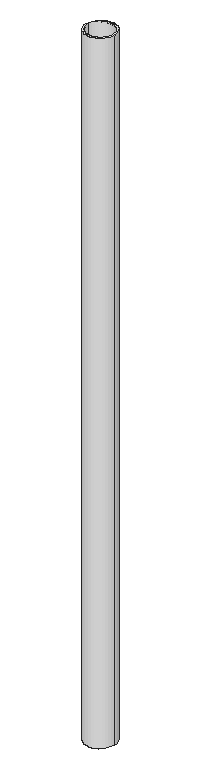
Revit family "STC_A3-Pipe", category Structural Columns, Revit 2016
Family settings
  Section Shape = Not Defined
  Material for Model Behavior = Steel
  Always export as geometry = No
  Beam cutback in plan = From bounding box
  Cut with Voids When Loaded = No
  Symbolic Representation = From Project Settings
  Shared = No
  Show family pre-cut in plan views = Yes
Parameters (values of type "PIPE102STD Pipe")
  Structural Material [instance] = Metal - Steel - 345 MPa
  Keynote = "G10"
  A = 2050.00 m²
  Gauge = "Standard"
  ID = 102 mm
  W = 0.158
  OD = 114 mm
  t = 6 mm
Types (3, lengths in mm): name | A | ID | W | OD | t
  (no name) | 2050.00 m² | 102 | 0.158 | 114 | 6
  PIPE102STD Pipe | 2050.00 m² | 102 | 0.158 | 114 | 6
  PIPE152STD Pipe | 3600.00 m² | 154 | 0.277 | 168 | 7.1
Reference planes
  plane 1 "Center (Front/Back)": y = 0
  plane 2: z = 0
  plane 3 "Center (Left/Right)": x = 0
  plane 4: x = -57
  plane 5: x = 57
  plane 6: y = 57
  plane 7: y = -57
  plane 8: x = -51
  plane 9: x = 51
Forms (mm)
  Extrusion 1, solid, material "Metal - Steel - 345 MPa" <- "Structural Material", detail levels medium+fine
    sketch origin (0, 0, 0) x (1, 0, 0) y (0, 1, 0)
      loop
        circle (0, 0) r 57
      loop
        circle (0, 0) r 51
    from 0 to 2500
Lines and regions (mm)
  symbolic lines, style "StructuralColumnStickSymbols", detail levels coarse
    curve 1: arc (-57, 0, 0) -> (0, -57, 0) -> (57, 0, 0) r 57
    curve 2: arc (57, 0, 0) -> (0, 57, 0) -> (-57, 0, 0) r 57
Dimensions and locks
  equal spacing: plane 4, plane 3 "Center (Left/Right)", plane 5
  equal spacing: plane 7, plane 1 "Center (Front/Back)", plane 6
  "OD": plane 7 to plane 6
  "OD": plane 4 to plane 5
  "t": plane 4 to plane 8
  "t": plane 9 to plane 5
  aligned and locked: level to Extrusion 1
  aligned and locked: level to plane 2
  aligned and locked: Extrusion 1 to plane 2
  aligned and locked: curve 1 to Extrusion 1
Automatic sketch dimensions
  Extrusion 1 sketch curve to plane 1 "Center (Front/Back)" = 0 mm  (x2)
  Extrusion 1 sketch curve to plane 4 = 0 mm
  Extrusion 1 sketch curve to plane 8 = 0 mm
  Extrusion 1 sketch curve to plane 3 "Center (Left/Right)" = 0 mm  (x2)
